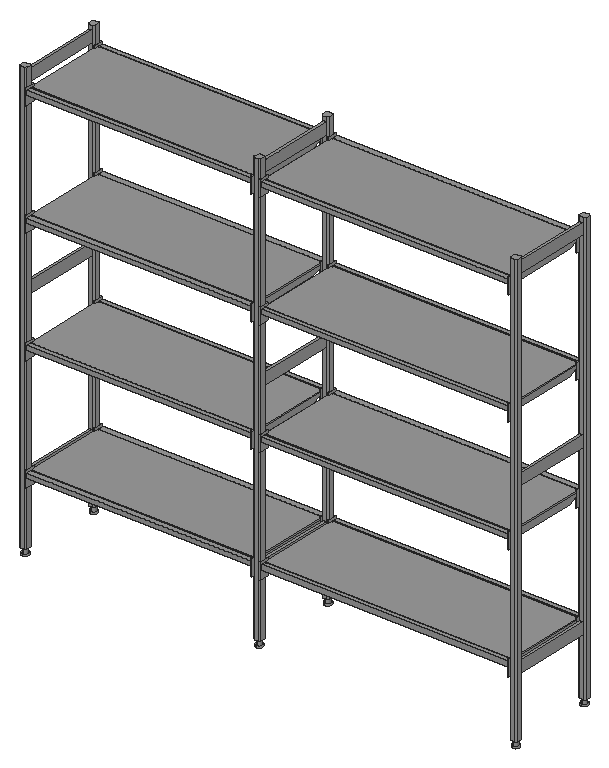
Revit family "QF_ZANUSSI_137023_ALS1960", category Attrezzature speciali, Revit 2020
Family settings
  Quota connettore circolare = Usa diametro
  Tipo di parte = Normale
  Basato su piano di lavoro = No
  Sempre verticale = Sì
  Taglio con vuoti quando caricato = No
  Condiviso = No
  Punto di calcolo locali = No
Parameters (values of type "Standard")
  Weight = 34.00 kg
  Watts = 0 W
  Volts = 0 V
  URL Manufacturer = "http://www.zanussiprofessional.com"
  URL = "http://www.zanussiprofessional.com"
  Steam Supply Size = 0 mm
  Steam Supply Minimum Pressure = 0.0 Pa
  Steam Supply Maximum Pressure = 0.0 Pa
  Steam Consumption per Hour = 0
  Refrigeration Suction Line Size = 0.0 mm
  Refrigeration Liquid Line Size = 0.0 mm
  Refrigerant Compressor Remote = yes
  Prospetto di default = 0.0 mm
  Phase = 0
  Modello = "ALS1960"
  Produttore = "Zanussi"
  Length Actual = 1960.0 mm  # constant formula
  Item Number = "137023"
  Hot Water Size = 0 mm
  Height Actual = 1700.0 mm  # constant formula
  HP = "0 HP"
  Gas Size = 0 mm
  Gas KW = 0
  Gas Input Pressure = 0 W
  Direct Waste Size = 0 mm
  Descrizione = "ALUM.LINEAR SHELV.-POLY.TIERS-373X1960MM"
  Depth Actual = 373.0 mm  # constant formula
  Cycle = 0 Hz
  Condensate Return Size = 0 mm
  Compressed Air Volume = 0.0 L/s
  Compressed Air Size = 0 mm
  Compressed Air Pressure = 0.0 Pa
  Cold Water Size = 0 mm
  Accessory = yes
Reference planes
  plane 1: z = 0
  plane 2 "CenterLeft": x = -31
  plane 3 "LEFT": x = -417
  plane 4 "BACK": y = 23
  plane 5 "FRONT": y = -350
  plane 6 "TOP": z = 1700
  plane 7: x = -385
  plane 8: x = 501
  plane 9 "Center (Front/Back)": y = -163.5
  plane 10: y = -8.5
  plane 11: y = -318.5
  plane 12 "FEET": z = 25
  plane 13: z = 275
  plane 14: z = 725
  plane 15: z = 1175
  plane 16: z = 1625
  plane 17 "CXLeft": x = -403
  plane 18 "Center (Left/Right)": x = 519
  plane 19: y = 5.5
  plane 20 "CYBack": y = 5.5
  plane 21 "CYFront": y = -332.5
  plane 22 "RIGHT": x = 1543
  plane 23: x = 1511
  plane 24 "CXRight": x = 1529
  plane 25: x = 537
Forms (mm)
  Extrusion 1, solid, material "QF_Aluminum"
    sketch origin (-417, 0, -4.006) x (0, 1, 0) y (0, 0, 1)
      loop
        line (-12, 1637.003) -> (4, 1637.003) -> (4, 1655) -> (2.007, 1655) -> (2.007, 1648.501) -> (-329, 1648.501) -> (-329, 1655) -> (-331, 1655) -> (-331, 1637.003) -> (-315, 1637.003) -> (-281, 1625) -> (-46, 1625) -> (-12, 1637.003)
      loop
        line (-12, 1187.003) -> (4, 1187.003) -> (4, 1205) -> (2.007, 1205) -> (2.007, 1198.501) -> (-329, 1198.501) -> (-329, 1205) -> (-331, 1205) -> (-331, 1187.003) -> (-315, 1187.003) -> (-281, 1175) -> (-46, 1175) -> (-12, 1187.003)
      loop
        line (-12, 737.003) -> (4, 737.003) -> (4, 755) -> (2.007, 755) -> (2.007, 748.501) -> (-329, 748.501) -> (-329, 755) -> (-331, 755) -> (-331, 737.003) -> (-315, 737.003) -> (-281, 725) -> (-46, 725) -> (-12, 737.003)
      loop
        line (-12, 287.003) -> (4, 287.003) -> (4, 305) -> (2.007, 305) -> (2.007, 298.501) -> (-329, 298.501) -> (-329, 305) -> (-331, 305) -> (-331, 287.003) -> (-315, 287.003) -> (-281, 275) -> (-46, 275) -> (-12, 287.003)
    from 37 to 32
  Extrusion 2, solid, material "QF_Aluminum"
    sketch origin (-417, 0, 0) x (0, 1, 0) y (0, 0, 1)
      loop
        line (23, 246.005) -> (23, 307.993) -> (-12.993, 307.993) -> (-12.993, 246.005) -> (23, 246.005)
      loop
        line (-350, 246.005) -> (-314.007, 246.005) -> (-314.007, 307.993) -> (-350, 307.993) -> (-350, 246.005)
      loop
        line (23, 696.005) -> (23, 757.993) -> (-12.993, 757.993) -> (-12.993, 696.005) -> (23, 696.005)
      loop
        line (-350, 696.005) -> (-314.007, 696.005) -> (-314.007, 757.993) -> (-350, 757.993) -> (-350, 696.005)
      loop
        line (23, 1146.005) -> (23, 1207.993) -> (-12.993, 1207.993) -> (-12.993, 1146.005) -> (23, 1146.005)
      loop
        line (-350, 1146.005) -> (-314.007, 1146.005) -> (-314.007, 1207.993) -> (-350, 1207.993) -> (-350, 1146.005)
      loop
        line (23, 1596.005) -> (23, 1657.993) -> (-12.993, 1657.993) -> (-12.993, 1596.005) -> (23, 1596.005)
      loop
        line (-350, 1596.005) -> (-314.007, 1596.005) -> (-314.007, 1657.993) -> (-350, 1657.993) -> (-350, 1596.005)
    from 28 to 32
  Extrusion 3, solid, material "QF_Aluminum"
    sketch origin (-417, 0, 0) x (0, 1, 0) y (0, 0, 1)
      loop
        line (4, 1650.994) -> (4, 1632.998) -> (23, 1632.998) -> (23, 1650.994) -> (4, 1650.994)
      loop
        line (-331, 1650.994) -> (-350, 1650.994) -> (-350, 1632.998) -> (-331, 1632.998) -> (-331, 1650.994)
      loop
        line (4, 1200.994) -> (4, 1182.998) -> (23, 1182.998) -> (23, 1200.994) -> (4, 1200.994)
      loop
        line (-331, 1200.994) -> (-350, 1200.994) -> (-350, 1182.998) -> (-331, 1182.998) -> (-331, 1200.994)
      loop
        line (4, 750.994) -> (4, 732.998) -> (23, 732.998) -> (23, 750.994) -> (4, 750.994)
      loop
        line (-331, 750.994) -> (-350, 750.994) -> (-350, 732.998) -> (-331, 732.998) -> (-331, 750.994)
      loop
        line (4, 300.994) -> (4, 282.998) -> (23, 282.998) -> (23, 300.994) -> (4, 300.994)
      loop
        line (-331, 300.994) -> (-350, 300.994) -> (-350, 282.998) -> (-331, 282.998) -> (-331, 300.994)
    from 32 to 918
  Extrusion 4, solid, material "QF_Polyethylene"
    sketch origin (-417, 0, 0) x (0, 1, 0) y (0, 0, 1)
      loop
        line (2.007, 1650.994) -> (-329, 1650.994) -> (-329, 1644.496) -> (2.007, 1644.496) -> (2.007, 1650.994)
      loop
        line (2.007, 1200.994) -> (-329, 1200.994) -> (-329, 1194.496) -> (2.007, 1194.496) -> (2.007, 1200.994)
      loop
        line (2.007, 750.994) -> (-329, 750.994) -> (-329, 744.496) -> (2.007, 744.496) -> (2.007, 750.994)
      loop
        line (2.007, 300.994) -> (-329, 300.994) -> (-329, 294.496) -> (2.007, 294.496) -> (2.007, 300.994)
    from 32 to 918
  Extrusion 5, solid, material "QF_Aluminum"
    sketch origin (1543, 0, 0) x (0, 1, 0) y (0, 0, 1)
      loop
        line (4, 1650.994) -> (4, 1632.998) -> (23, 1632.998) -> (23, 1650.994) -> (4, 1650.994)
      loop
        line (-331, 1650.994) -> (-350, 1650.994) -> (-350, 1632.998) -> (-331, 1632.998) -> (-331, 1650.994)
      loop
        line (4, 1200.994) -> (4, 1182.998) -> (23, 1182.998) -> (23, 1200.994) -> (4, 1200.994)
      loop
        line (-331, 1200.994) -> (-350, 1200.994) -> (-350, 1182.998) -> (-331, 1182.998) -> (-331, 1200.994)
      loop
        line (4, 750.994) -> (4, 732.998) -> (23, 732.998) -> (23, 750.994) -> (4, 750.994)
      loop
        line (-331, 750.994) -> (-350, 750.994) -> (-350, 732.998) -> (-331, 732.998) -> (-331, 750.994)
      loop
        line (4, 300.994) -> (4, 282.998) -> (23, 282.998) -> (23, 300.994) -> (4, 300.994)
      loop
        line (-331, 300.994) -> (-350, 300.994) -> (-350, 282.998) -> (-331, 282.998) -> (-331, 300.994)
    from -32 to -1006
  Extrusion 6, solid, material "QF_Polyethylene"
    sketch origin (1543, 0, 0) x (0, 1, 0) y (0, 0, 1)
      loop
        line (2.007, 1650.994) -> (-329, 1650.994) -> (-329, 1644.496) -> (2.007, 1644.496) -> (2.007, 1650.994)
      loop
        line (2.007, 1200.994) -> (-329, 1200.994) -> (-329, 1194.496) -> (2.007, 1194.496) -> (2.007, 1200.994)
      loop
        line (2.007, 750.994) -> (-329, 750.994) -> (-329, 744.496) -> (2.007, 744.496) -> (2.007, 750.994)
      loop
        line (2.007, 300.994) -> (-329, 300.994) -> (-329, 294.496) -> (2.007, 294.496) -> (2.007, 300.994)
    from -32 to -1006
Lines and regions (mm)
  symbolic lines
    curve 1: line (501, 4, 1700) -> (-385, 4, 1700)
    curve 2: line (-408, -8.5, 1700) -> (-408, -318.5, 1700)
    curve 3: line (-398, -318.5, 1700) -> (-398, -8.5, 1700)
    curve 4: line (-389, 23, 1700) -> (505, 23, 1700)
    curve 5: line (-385, -350, 1700) -> (501, -350, 1700)
    curve 6: line (533, 23, 1700) -> (1515, 23, 1700)
    curve 7: line (533, -350, 1700) -> (1515, -350, 1700)
    curve 8: line (-385, -331, 1700) -> (501, -331, 1700)
    curve 9: line (537, -331, 1700) -> (1511, -331, 1700)
    curve 10: line (537, 4, 1700) -> (1511, 4, 1700)
    curve 11: line (1511, -12.993, 1700) -> (1511, -314.007, 1700)
    curve 12: line (501, -12.993, 1700) -> (501, -314.007, 1700)
    curve 13: line (537, -314.007, 1700) -> (537, -12.993, 1700)
    curve 14: line (-385, -12.993, 1700) -> (-385, -314.007, 1700)
Dimensions and locks
  plane 3 "LEFT" to plane 2 "CenterLeft" = 386.0 mm
  locked: plane 6 "TOP" to level at 1700
  locked: plane 4 "BACK" to plane 5 "FRONT" at 373
  locked: plane 7 to plane 8 at 886
  locked: plane 10 to plane 11 at 310
  equal spacing: plane 10, plane 9 "Center (Front/Back)", plane 11
  equal spacing: plane 4 "BACK", plane 9 "Center (Front/Back)", plane 5 "FRONT"
  plane 12 "FEET" to level = 25.0 mm
  plane 6 "TOP" to plane 12 "FEET" = 1675.0 mm
  plane 13 to plane 12 "FEET" = 250.0 mm
  plane 14 to plane 13 = 450.0 mm
  plane 15 to plane 14 = 450.0 mm
  plane 16 to plane 15 = 450.0 mm
  locked: plane 4 "BACK" to plane 20 "CYBack" at 17.5
  locked: plane 21 "CYFront" to plane 5 "FRONT" at 17.5
  locked: plane 4 "BACK" to Extrusion 1 at 19
  locked: Extrusion 1 to plane 5 "FRONT" at 19
  Extrusion 1 sketch curve to plane 21 "CYFront" = 3.5 mm
  plane 3 "LEFT" to plane 22 "RIGHT" = 1960.0 mm
  locked: plane 25 to plane 23 at 974
  locked: plane 8 to plane 18 "Center (Left/Right)" at 18
  locked: plane 18 "Center (Left/Right)" to plane 25 at 18
  locked: plane 3 "LEFT" to plane 7 at 32
  locked: plane 24 "CXRight" to plane 22 "RIGHT" at 14
  aligned and locked: level to plane 1
  aligned and locked: plane 7 to Extrusion 1
  aligned and locked: Extrusion 2 to plane 7
  aligned and locked: plane 7 to Extrusion 4
  aligned and locked: Extrusion 4 to plane 8
  aligned and locked: plane 7 to Extrusion 3
  aligned and locked: Extrusion 3 to plane 8
  aligned and locked: Extrusion 3 sketch curve to Extrusion 1
  aligned and locked: Extrusion 1 to Extrusion 3 sketch curve
  aligned and locked: Extrusion 3 sketch curve to Extrusion 3 sketch curve  (x2)
  aligned and locked: Extrusion 1 sketch curve to Extrusion 1 sketch curve  (x3)
  aligned and locked: Extrusion 4 sketch curve to Extrusion 1  (x4)
  aligned and locked: Extrusion 5 sketch curve to Extrusion 5 sketch curve  (x2)
  aligned and locked: Extrusion 5 to plane 25
  aligned and locked: Extrusion 6 to plane 25
  aligned and locked: plane 18 "Center (Left/Right)" to nested 3
  aligned and locked: plane 17 "CXLeft" to nested 1
  aligned and locked: Extrusion 3 to plane 7  (x3)
  aligned and locked: plane 8 to Extrusion 3  (x4)
  aligned and locked: plane 25 to Extrusion 5  (x4)
  aligned and locked: plane 25 to Extrusion 6  (x4)
  aligned and locked: plane 8 to Extrusion 4  (x4)
  aligned and locked: plane 24 "CXRight" to nested 2
  aligned and locked: Extrusion 5 to plane 23
  aligned and locked: Extrusion 6 to plane 23
  aligned and locked: plane 23 to Extrusion 5  (x3)
  aligned and locked: plane 23 to Extrusion 6  (x3)
Automatic sketch dimensions
  plane 21 "CYFront" to Extrusion 1 sketch curve = 1.5 mm  (x4)
  plane 11 to Extrusion 1 sketch curve = 3.5 mm  (x4)
  Extrusion 1 sketch curve to plane 13 = 4.006 mm
  Extrusion 1 sketch curve to Extrusion 1 sketch curve = 34.0 mm  (x4)
  Extrusion 1 sketch curve to plane 14 = 4.006 mm
  Extrusion 1 sketch curve to plane 15 = 4.006 mm
  Extrusion 1 sketch curve to plane 16 = 4.006 mm
  Extrusion 1 sketch curve to plane 10 = 37.5 mm  (x4)
  Extrusion 1 sketch curve to plane 10 = 3.5 mm  (x4)
  plane 19 to Extrusion 1 sketch curve = 3.493 mm  (x4)
  plane 19 to Extrusion 1 sketch curve = 1.5 mm  (x4)
  plane 13 to Extrusion 1 sketch curve = 7.998 mm  (x2)
  Extrusion 1 sketch curve to Extrusion 1 sketch curve = 11.498 mm  (x4)
  Extrusion 1 sketch curve to Extrusion 1 sketch curve = 6.499 mm  (x8)
  plane 14 to Extrusion 1 sketch curve = 7.998 mm  (x2)
  plane 15 to Extrusion 1 sketch curve = 7.998 mm  (x2)
  plane 16 to Extrusion 1 sketch curve = 7.998 mm  (x2)
  Extrusion 2 sketch curve to plane 5 "FRONT" = 0.0 mm  (x4)
  Extrusion 2 sketch curve to plane 4 "BACK" = 0.0 mm  (x4)
  plane 11 to Extrusion 2 sketch curve = 4.493 mm  (x4)
  Extrusion 2 sketch curve to plane 10 = 4.493 mm  (x4)
  Extrusion 2 sketch curve to plane 13 = 28.995 mm  (x2)
  plane 13 to Extrusion 2 sketch curve = 32.993 mm  (x2)
  Extrusion 2 sketch curve to plane 14 = 28.995 mm  (x2)
  plane 14 to Extrusion 2 sketch curve = 32.993 mm  (x2)
  Extrusion 2 sketch curve to plane 15 = 28.995 mm  (x2)
  plane 15 to Extrusion 2 sketch curve = 32.993 mm  (x2)
  Extrusion 2 sketch curve to plane 16 = 28.995 mm  (x2)
  plane 16 to Extrusion 2 sketch curve = 32.993 mm  (x2)
  Extrusion 3 sketch curve to plane 5 "FRONT" = 0.0 mm  (x4)
  Extrusion 3 sketch curve to plane 4 "BACK" = 0.0 mm  (x4)
  plane 19 to Extrusion 3 sketch curve = 1.5 mm  (x4)
  plane 13 to Extrusion 3 sketch curve = 7.998 mm  (x2)
  Extrusion 3 sketch curve to Extrusion 3 sketch curve = 17.997 mm  (x8)
  plane 14 to Extrusion 3 sketch curve = 7.998 mm  (x2)
  plane 15 to Extrusion 3 sketch curve = 7.998 mm  (x2)
  plane 16 to Extrusion 3 sketch curve = 7.998 mm  (x2)
  plane 19 to Extrusion 4 sketch curve = 3.493 mm  (x4)
  plane 13 to Extrusion 4 sketch curve = 19.496 mm
  Extrusion 4 sketch curve to Extrusion 4 sketch curve = 6.499 mm  (x4)
  plane 14 to Extrusion 4 sketch curve = 19.496 mm
  plane 15 to Extrusion 4 sketch curve = 19.496 mm
  plane 16 to Extrusion 4 sketch curve = 19.496 mm
  Extrusion 5 sketch curve to plane 5 "FRONT" = 0.0 mm  (x4)
  Extrusion 5 sketch curve to plane 4 "BACK" = 0.0 mm  (x4)
  plane 21 "CYFront" to Extrusion 5 sketch curve = 1.5 mm  (x2)
  plane 19 to Extrusion 5 sketch curve = 1.5 mm  (x4)
  plane 13 to Extrusion 5 sketch curve = 7.998 mm  (x2)
  Extrusion 5 sketch curve to Extrusion 5 sketch curve = 17.997 mm  (x8)
  plane 14 to Extrusion 5 sketch curve = 7.998 mm  (x2)
  plane 15 to Extrusion 5 sketch curve = 7.998 mm  (x2)
  plane 16 to Extrusion 5 sketch curve = 7.998 mm  (x2)
  plane 21 "CYFront" to Extrusion 6 sketch curve = 3.5 mm  (x4)
  plane 19 to Extrusion 6 sketch curve = 3.493 mm  (x4)
  plane 13 to Extrusion 6 sketch curve = 19.496 mm
  Extrusion 6 sketch curve to Extrusion 6 sketch curve = 6.499 mm  (x4)
  plane 14 to Extrusion 6 sketch curve = 19.496 mm
  plane 15 to Extrusion 6 sketch curve = 19.496 mm
  plane 16 to Extrusion 6 sketch curve = 19.496 mm
  curve 7 to plane 5 "FRONT" = 0.0 mm
  curve 5 to plane 5 "FRONT" = 0.0 mm
  curve 8 to plane 8 = 0.0 mm
  curve 9 to plane 25 = 0.0 mm
  curve 9 to plane 23 = 0.0 mm
  curve 8 to plane 7 = 0.0 mm
  curve 2 to plane 11 = 0.0 mm
  curve 3 to plane 11 = 0.0 mm
  curve 14 to plane 7 = 0.0 mm
  curve 13 to plane 25 = 0.0 mm
  curve 12 to plane 8 = 0.0 mm
  curve 11 to plane 23 = 0.0 mm
  curve 3 to plane 10 = 0.0 mm
  curve 2 to plane 10 = 0.0 mm
  curve 1 to plane 8 = 0.0 mm
  curve 1 to plane 7 = 0.0 mm
  curve 10 to plane 23 = 0.0 mm
  curve 10 to plane 25 = 0.0 mm
  curve 4 to plane 4 "BACK" = 0.0 mm
  curve 6 to plane 4 "BACK" = 0.0 mm
  curve 5 to plane 8 = 0.0 mm
  curve 5 to plane 7 = 0.0 mm
  plane 21 "CYFront" to curve 8 = 1.5 mm
  plane 21 "CYFront" to curve 9 = 1.5 mm
  plane 11 to curve 14 = 4.493 mm
  plane 11 to curve 13 = 4.493 mm
  plane 11 to curve 12 = 4.493 mm
  plane 11 to curve 11 = 4.493 mm
  curve 14 to plane 10 = 4.493 mm
  curve 13 to plane 10 = 4.493 mm
  curve 12 to plane 10 = 4.493 mm
  curve 11 to plane 10 = 4.493 mm
  plane 19 to curve 1 = 1.5 mm
  plane 19 to curve 10 = 1.5 mm
  curve 6 to plane 23 = 4.0 mm
  curve 7 to plane 23 = 4.0 mm
  curve 6 to plane 25 = 4.0 mm
  curve 7 to plane 25 = 4.0 mm
  curve 4 to plane 8 = 4.0 mm
  plane 7 to curve 4 = 4.0 mm
  plane 17 "CXLeft" to curve 3 = 5.0 mm
  curve 2 to plane 17 "CXLeft" = 5.0 mm
Nested families
  nested 1: "WT_Anta373" at (0, 0, 0), type "WT_Anta373"
  nested 2: "WT_Anta373" at (1126, 0, 0) x (-1, 0, 0) z (0, 0, 1), type "WT_Anta373"
  nested 3: "WT_Anta373Center" at (922, 0, 0), type "WT_Anta373Center"
Definition of nested family "WT_Anta373"
  Parameters
    WidthLeft = A + 64.0 mm  # 772.0 mm
    Width = 1606.0 mm
    Right = WidthLeft / 2  # 386.0 mm
    Default Elevation = 0.0 mm
    Left = -WidthLeft / 2  # -386.0 mm
    Height = 1725.0 mm
    FEET = 25.0 mm
    E = 0.0 mm
    Dint = Depth - 63.0 mm  # 310.0 mm
    Dext = Depth - 8.0 mm  # 365.0 mm
    Depth = 373.0 mm
    DX = (WidthLeft - A) / 2  # 32.0 mm
    B = 798.0 mm
    A = 708.0 mm
  Reference planes
    plane 1: z = 0
    plane 2 "LEFT": x = -417
    plane 3 "BACK": y = 23
    plane 4 "FRONT": y = -350
    plane 5 "TOP": z = 1725
    plane 6 "Center (Front/Back)": y = -163.5
    plane 7: y = -8.5
    plane 8: y = -318.5
    plane 9 "FEET": z = 25
    plane 10: z = 275
    plane 11: z = 725
    plane 12: z = 1175
    plane 13: z = 1625
    plane 14 "CXLeft": x = -403
    plane 15: y = 5.5
    plane 16 "CYBack": y = 5.5
    plane 17 "CYFront": y = -332.5
    plane 18: x = -385.031
    plane 19: x = -380.031
  Forms (mm)
    Extrusion 1, solid
      sketch origin (0, 0, 0) x (1, 0, 0) y (0, 1, 0)
        loop
          line (-417, 13.246) -> (-417, -2.246) -> (-410.746, -8.5) -> (-395.254, -8.5) -> (-389, -2.246) -> (-389, 13.246) -> (-395.254, 19.5) -> (-410.746, 19.5) -> (-417, 13.246)
      from 1725 to 25
    Extrusion 2, solid
      sketch origin (-417, 0, 0) x (0, 1, 0) y (0, 0, 1)
        loop
          line (23, 246.005) -> (23, 307.993) -> (-12.993, 307.993) -> (-12.993, 246.005) -> (23, 246.005)
        loop
          line (-350, 246.005) -> (-314.007, 246.005) -> (-314.007, 307.993) -> (-350, 307.993) -> (-350, 246.005)
        loop
          line (23, 696.005) -> (23, 757.993) -> (-12.993, 757.993) -> (-12.993, 696.005) -> (23, 696.005)
        loop
          line (-350, 696.005) -> (-314.007, 696.005) -> (-314.007, 757.993) -> (-350, 757.993) -> (-350, 696.005)
        loop
          line (23, 1146.005) -> (23, 1207.993) -> (-12.993, 1207.993) -> (-12.993, 1146.005) -> (23, 1146.005)
        loop
          line (-350, 1146.005) -> (-314.007, 1146.005) -> (-314.007, 1207.993) -> (-350, 1207.993) -> (-350, 1146.005)
        loop
          line (23, 1596.005) -> (23, 1657.993) -> (-12.993, 1657.993) -> (-12.993, 1596.005) -> (23, 1596.005)
        loop
          line (-350, 1596.005) -> (-314.007, 1596.005) -> (-314.007, 1657.993) -> (-350, 1657.993) -> (-350, 1596.005)
      from 28 to 32
    Revolve 3, solid
      sketch origin (-403, 0, 0) x (0, 1, 0) y (0, 0, 1)
        loop
          line (5.5, 25) -> (5.5, 0) -> (19, 0) -> (19, 5) -> (14, 5) -> (14, 25) -> (5.5, 25)
        axis (5.5, 25) -> (5.5, 0)
      angle from 0 to 360
    Extrusion 4, solid
      sketch origin (-403, 0, 0) x (0, 1, 0) y (0, 0, 1)
        loop
          line (-8.5, 912.382) -> (-8.5, 957.374) -> (-318.5, 957.374) -> (-318.5, 912.382) -> (-8.5, 912.382)
        loop
          line (-8.5, 1662.244) -> (-8.5, 1707.236) -> (-318.5, 1707.236) -> (-318.5, 1662.244) -> (-8.5, 1662.244)
      from -5 to 5
    Revolve 5, solid
      sketch origin (-403, -627, 0) x (0, -1, 0) y (0, 0, 1)
        loop
          line (-294.5, 25) -> (-294.5, 0) -> (-281, 0) -> (-281, 5) -> (-286, 5) -> (-286, 25) -> (-294.5, 25)
        axis (-294.5, 25) -> (-294.5, 0)
      angle from 0 to 360
    Extrusion 6, solid
      sketch origin (0, -627, 0) x (1, 0, 0) y (0, 1, 0)
        loop
          line (-417, 286.754) -> (-410.746, 280.5) -> (-395.254, 280.5) -> (-389, 286.754) -> (-389, 302.246) -> (-395.254, 308.5) -> (-410.746, 308.5) -> (-417, 302.246) -> (-417, 286.754)
      from 1725 to 25
    Extrusion 7, solid
      sketch origin (-417.031, -0.022, 0) x (0, 1, 0) y (0, 0, -1)
        loop
          line (-12, -1632.998) -> (-46, -1620.994) -> (-281, -1620.994) -> (-315, -1632.998) -> (-331, -1632.998) -> (-331, -1650.994) -> (-329, -1650.994) -> (-329, -1644.496) -> (2.007, -1644.496) -> (2.007, -1650.994) -> (4, -1650.994) -> (4, -1632.998) -> (-12, -1632.998)
        loop
          line (-12, -1182.998) -> (-46, -1170.994) -> (-281, -1170.994) -> (-315, -1182.998) -> (-331, -1182.998) -> (-331, -1200.994) -> (-329, -1200.994) -> (-329, -1194.496) -> (2.007, -1194.496) -> (2.007, -1200.994) -> (4, -1200.994) -> (4, -1182.998) -> (-12, -1182.998)
        loop
          line (-12, -732.998) -> (-46, -720.994) -> (-281, -720.994) -> (-315, -732.998) -> (-331, -732.998) -> (-331, -750.994) -> (-329, -750.994) -> (-329, -744.496) -> (2.007, -744.496) -> (2.007, -750.994) -> (4, -750.994) -> (4, -732.998) -> (-12, -732.998)
        loop
          line (-12, -282.998) -> (-46, -270.994) -> (-281, -270.994) -> (-315, -282.998) -> (-331, -282.998) -> (-331, -300.994) -> (-329, -300.994) -> (-329, -294.496) -> (2.007, -294.496) -> (2.007, -300.994) -> (4, -300.994) -> (4, -282.998) -> (-12, -282.998)
      from -32 to -37
    Extrusion 8, solid
      sketch origin (-403, 0, -659.878) x (0, 1, 0) y (0, 0, 1)
        loop
          line (-8.5, 912.382) -> (-8.5, 957.374) -> (-318.5, 957.374) -> (-318.5, 912.382) -> (-8.5, 912.382)
        loop
          line (-8.5, 1572.382) -> (-8.5, 1617.374) -> (-318.5, 1617.374) -> (-318.5, 1572.382) -> (-8.5, 1572.382)
        loop
          line (-8.5, 2322.382) -> (-8.5, 2367.374) -> (-318.5, 2367.374) -> (-318.5, 2322.382) -> (-8.5, 2322.382)
      from -5 to 5
  Lines and regions (mm)
    symbolic lines
      curve 1: line (-408, -8.5, 1725) -> (-408, -318.5, 1725)
      curve 2: line (-398, -318.5, 1725) -> (-398, -8.5, 1725)
      curve 3: line (-395.254, -8.5, 1725) -> (-410.746, -8.5, 1725)
      curve 4: line (-417, -2.246, 1725) -> (-410.746, -8.5, 1725)
      curve 5: line (-417, 13.246, 1725) -> (-417, -2.246, 1725)
      curve 6: line (-410.746, 19.5, 1725) -> (-417, 13.246, 1725)
      curve 7: line (-395.254, 19.5, 1725) -> (-410.746, 19.5, 1725)
      curve 8: line (-389, 13.246, 1725) -> (-395.254, 19.5, 1725)
      curve 9: line (-395.254, -8.5, 1725) -> (-389, -2.246, 1725)
      curve 10: line (-395.254, -318.5, 1725) -> (-410.746, -318.5, 1725)
      curve 11: line (-417, -324.754, 1725) -> (-410.746, -318.5, 1725)
      curve 12: line (-410.746, -346.5, 1725) -> (-417, -340.246, 1725)
      curve 13: line (-395.254, -346.5, 1725) -> (-410.746, -346.5, 1725)
      curve 14: line (-389, -340.246, 1725) -> (-395.254, -346.5, 1725)
      curve 15: line (-395.254, -318.5, 1725) -> (-389, -324.754, 1725)
      curve 16: line (-389, -350, 1725) -> (-389, -314.007, 1725)
      curve 17: line (-389, -314.007, 1725) -> (-385, -314.007, 1725)
      curve 18: line (-389, 23, 1725) -> (-389, -12.993, 1725)
      curve 19: line (-389, -12.993, 1725) -> (-385, -12.993, 1725)
      curve 20: line (-417, -324.754, 1725) -> (-417, -340.246, 1725)
      curve 21: line (-385, -350, 1725) -> (-385, -314.007, 1725)
      curve 22: line (-385, -350, 1725) -> (-389, -350, 1725)
      curve 23: line (-385, 23, 1725) -> (-389, 23, 1725)
      curve 24: line (-385, -12.993, 1725) -> (-385, 23, 1725)
      curve 25: line (-385.031, -13.016, 1725) -> (-385.031, -314.029, 1725)
  Dimensions and locks
    "Height": plane 5 "TOP" to level
    "Depth": plane 3 "BACK" to plane 4 "FRONT"
    "Dint": plane 7 to plane 8
    equal spacing: plane 7, plane 6 "Center (Front/Back)", plane 8
    equal spacing: plane 3 "BACK", plane 6 "Center (Front/Back)", plane 4 "FRONT"
    plane 9 "FEET" to level = 25.0 mm
    plane 5 "TOP" to plane 9 "FEET" = 1700.0 mm
    plane 10 to plane 9 "FEET" = 250.0 mm
    plane 11 to plane 10 = 450.0 mm
    plane 12 to plane 11 = 450.0 mm
    plane 13 to plane 12 = 450.0 mm
    locked: plane 2 "LEFT" to plane 14 "CXLeft" at 14
    locked: plane 3 "BACK" to plane 16 "CYBack" at 17.5
    locked: plane 17 "CYFront" to plane 4 "FRONT" at 17.5
    locked: Revolve 3 sketch curve to Revolve 3 sketch curve at 8.5
    locked: Revolve 3 sketch curve to plane 16 "CYBack" at 13.5
    locked: Revolve 5 sketch curve to Revolve 5 sketch curve at 8.5
    aligned and locked: level to plane 1
    aligned and locked: curve 20 to Extrusion 6
    aligned and locked: plane 5 "TOP" to Extrusion 1
    aligned and locked: plane 5 "TOP" to Extrusion 6
    aligned and locked: Extrusion 7 sketch curve to Extrusion 7 sketch curve  (x3)
  Automatic sketch dimensions
    curve 16 to plane 4 "FRONT" = 0.0 mm
    curve 11 to plane 8 = 0.0 mm
    curve 9 to plane 7 = 0.0 mm
    curve 5 to plane 2 "LEFT" = 0.0 mm
    curve 23 to plane 3 "BACK" = 0.0 mm
    plane 4 "FRONT" to curve 13 = 3.5 mm
    curve 20 to plane 17 "CYFront" = 7.746 mm
    curve 20 to plane 8 = 6.254 mm
    plane 8 to curve 16 = 4.493 mm
    curve 24 to plane 18 = 0.031 mm
    curve 24 to plane 7 = 4.493 mm
    plane 7 to curve 5 = 6.254 mm
    curve 5 to plane 15 = 7.746 mm
    curve 6 to plane 3 "BACK" = 3.5 mm
    curve 21 to plane 18 = 0.031 mm
    plane 18 to curve 23 = 3.969 mm
    plane 18 to curve 16 = 3.969 mm
    curve 18 to curve 8 = 6.254 mm
    curve 18 to curve 3 = 6.254 mm
    curve 16 to curve 13 = 6.254 mm
    curve 16 to curve 15 = 6.254 mm
    plane 2 "LEFT" to curve 10 = 6.254 mm
    plane 2 "LEFT" to curve 7 = 6.254 mm
    plane 2 "LEFT" to curve 12 = 6.254 mm
    plane 2 "LEFT" to curve 3 = 6.254 mm
    curve 14 to plane 17 "CYFront" = 7.746 mm
    curve 15 to plane 8 = 6.254 mm
    plane 7 to curve 9 = 6.254 mm
    curve 8 to plane 15 = 7.746 mm
    curve 3 to curve 2 = 2.746 mm
    curve 1 to curve 10 = 2.746 mm
    Extrusion 1 sketch curve to plane 2 "LEFT" = 0.0 mm
    Extrusion 1 sketch curve to plane 7 = 0.0 mm
    plane 2 "LEFT" to Extrusion 1 sketch curve = 6.254 mm  (x2)
    plane 14 "CXLeft" to Extrusion 1 sketch curve = 7.746 mm  (x2)
    Extrusion 1 sketch curve to plane 3 "BACK" = 3.5 mm
    plane 18 to Extrusion 1 sketch curve = 3.969 mm
    plane 7 to Extrusion 1 sketch curve = 6.254 mm  (x2)
    Extrusion 1 sketch curve to plane 15 = 7.746 mm  (x2)
    Extrusion 2 sketch curve to plane 4 "FRONT" = 0.0 mm  (x4)
    Extrusion 2 sketch curve to plane 3 "BACK" = 0.0 mm  (x4)
    plane 8 to Extrusion 2 sketch curve = 4.493 mm  (x4)
    Extrusion 2 sketch curve to plane 7 = 4.493 mm  (x4)
    Extrusion 2 sketch curve to plane 10 = 28.995 mm  (x2)
    plane 10 to Extrusion 2 sketch curve = 32.993 mm  (x2)
    Extrusion 2 sketch curve to plane 11 = 28.995 mm  (x2)
    plane 11 to Extrusion 2 sketch curve = 32.993 mm  (x2)
    Extrusion 2 sketch curve to plane 12 = 28.995 mm  (x2)
    plane 12 to Extrusion 2 sketch curve = 32.993 mm  (x2)
    Extrusion 2 sketch curve to plane 13 = 28.995 mm  (x2)
    plane 13 to Extrusion 2 sketch curve = 32.993 mm  (x2)
    Revolve 3 sketch curve to plane 9 "FEET" = 0.0 mm  (x2)
    Revolve 3 sketch curve to plane 15 = 0.0 mm  (x2)
    Revolve 3 sketch curve to level = 0.0 mm
    level to Revolve 3 sketch curve = 5.0 mm
    Revolve 3 sketch curve to Revolve 3 sketch curve = 11.655 mm
    Extrusion 4 sketch curve to plane 8 = 0.0 mm  (x2)
    Extrusion 4 sketch curve to plane 7 = 0.0 mm  (x2)
    plane 11 to Extrusion 4 sketch curve = 187.382 mm
    Extrusion 4 sketch curve to Extrusion 4 sketch curve = 44.992 mm
    plane 13 to Extrusion 4 sketch curve = 37.244 mm
    Extrusion 4 sketch curve to plane 5 "TOP" = 17.764 mm
    Revolve 5 sketch curve to plane 9 "FEET" = 0.0 mm  (x2)
    Revolve 5 sketch curve to plane 17 "CYFront" = 0.0 mm  (x2)
    Revolve 5 sketch curve to level = 0.0 mm
    Revolve 5 sketch curve to plane 4 "FRONT" = 4.0 mm
    Revolve 5 sketch curve to Revolve 5 sketch curve = 5.0 mm
    level to Revolve 5 sketch curve = 11.655 mm
    Extrusion 6 sketch curve to plane 2 "LEFT" = 0.0 mm
    Extrusion 6 sketch curve to plane 8 = 0.0 mm
    Extrusion 6 sketch curve to plane 2 "LEFT" = 6.254 mm  (x2)
    Extrusion 6 sketch curve to plane 14 "CXLeft" = 7.746 mm  (x2)
    Extrusion 6 sketch curve to plane 4 "FRONT" = 3.5 mm
    Extrusion 6 sketch curve to plane 18 = 3.969 mm
    plane 8 to Extrusion 6 sketch curve = 6.254 mm  (x2)
    plane 17 "CYFront" to Extrusion 6 sketch curve = 7.746 mm  (x2)
    plane 17 "CYFront" to Extrusion 7 sketch curve = 1.478 mm  (x4)
    Extrusion 7 sketch curve to Extrusion 7 sketch curve = 2.0 mm
    plane 8 to Extrusion 7 sketch curve = 3.478 mm  (x4)
    Extrusion 7 sketch curve to plane 10 = 4.006 mm
    Extrusion 7 sketch curve to Extrusion 7 sketch curve = 34.0 mm  (x4)
    Extrusion 7 sketch curve to plane 11 = 4.006 mm
    Extrusion 7 sketch curve to plane 12 = 4.006 mm
    Extrusion 7 sketch curve to plane 13 = 4.006 mm
    Extrusion 7 sketch curve to plane 7 = 37.522 mm  (x4)
    Extrusion 7 sketch curve to plane 7 = 3.522 mm  (x4)
    plane 15 to Extrusion 7 sketch curve = 3.516 mm  (x4)
    plane 15 to Extrusion 7 sketch curve = 1.522 mm  (x4)
    plane 13 to Extrusion 7 sketch curve = 7.998 mm  (x2)
    Extrusion 7 sketch curve to Extrusion 7 sketch curve = 11.498 mm
    Extrusion 7 sketch curve to Extrusion 7 sketch curve = 6.499 mm  (x5)
    plane 12 to Extrusion 7 sketch curve = 25.994 mm  (x2)
    plane 12 to Extrusion 7 sketch curve = 7.998 mm  (x2)
    plane 11 to Extrusion 7 sketch curve = 25.994 mm  (x2)
    plane 11 to Extrusion 7 sketch curve = 7.998 mm  (x2)
    plane 10 to Extrusion 7 sketch curve = 25.994 mm  (x2)
    plane 10 to Extrusion 7 sketch curve = 7.998 mm  (x2)
    curve 25 to plane 18 = 0.0 mm
    plane 8 to curve 25 = 4.471 mm
    curve 25 to plane 7 = 4.516 mm
    Extrusion 8 sketch curve to plane 8 = 0.0 mm  (x3)
    Extrusion 8 sketch curve to plane 7 = 0.0 mm  (x3)
    Extrusion 8 sketch curve to plane 10 = 22.496 mm
    plane 10 to Extrusion 8 sketch curve = 22.496 mm
    plane 11 to Extrusion 8 sketch curve = 187.504 mm
    Extrusion 8 sketch curve to Extrusion 8 sketch curve = 44.992 mm
    plane 13 to Extrusion 8 sketch curve = 37.504 mm
    Extrusion 8 sketch curve to plane 5 "TOP" = 17.504 mm
Definition of nested family "WT_Anta373Center"
  Parameters
    WidthLeft = A + 64.0 mm  # 772.0 mm
    Width = 1606.0 mm
    Right = WidthLeft / 2  # 386.0 mm
    Default Elevation = 0.0 mm
    Left = -WidthLeft / 2  # -386.0 mm
    Height = 1725.0 mm
    FEET = 25.0 mm
    E = 0.0 mm
    Dint = Depth - 63.0 mm  # 310.0 mm
    Dext = Depth - 8.0 mm  # 365.0 mm
    Depth = 373.0 mm
    DX = (WidthLeft - A) / 2  # 32.0 mm
    B = 798.0 mm
    A = 708.0 mm
  Reference planes
    plane 1: z = 0
    plane 2 "L": x = -417
    plane 3 "BACK": y = 23
    plane 4 "FRONT": y = -350
    plane 5 "TOP": z = 1725
    plane 6 "Center (Front/Back)": y = -163.5
    plane 7: y = -8.5
    plane 8: y = -318.5
    plane 9 "FEET": z = 25
    plane 10: z = 275
    plane 11: z = 725
    plane 12: z = 1175
    plane 13: z = 1625
    plane 14 "CXLeft": x = -403
    plane 15: y = 5.5
    plane 16 "CYBack": y = 5.5
    plane 17 "CYFront": y = -332.5
    plane 18: x = -385.031
    plane 19 "RIGHT": x = -380.031
    plane 20: x = -420.969
    plane 21 "LEFT": x = -425.969
  Forms (mm)
    Extrusion 1, solid
      sketch origin (0, 0, 0) x (1, 0, 0) y (0, 1, 0)
        loop
          line (-417, 13.246) -> (-417, -2.246) -> (-410.746, -8.5) -> (-395.254, -8.5) -> (-389, -2.246) -> (-389, 13.246) -> (-395.254, 19.5) -> (-410.746, 19.5) -> (-417, 13.246)
      from 1725 to 25
    Extrusion 2, solid
      sketch origin (-417, 0, 0) x (0, 1, 0) y (0, 0, 1)
        loop
          line (23, 246.005) -> (23, 307.993) -> (-12.993, 307.993) -> (-12.993, 246.005) -> (23, 246.005)
        loop
          line (-350, 246.005) -> (-314.007, 246.005) -> (-314.007, 307.993) -> (-350, 307.993) -> (-350, 246.005)
        loop
          line (23, 696.005) -> (23, 757.993) -> (-12.993, 757.993) -> (-12.993, 696.005) -> (23, 696.005)
        loop
          line (-350, 696.005) -> (-314.007, 696.005) -> (-314.007, 757.993) -> (-350, 757.993) -> (-350, 696.005)
        loop
          line (23, 1146.005) -> (23, 1207.993) -> (-12.993, 1207.993) -> (-12.993, 1146.005) -> (23, 1146.005)
        loop
          line (-350, 1146.005) -> (-314.007, 1146.005) -> (-314.007, 1207.993) -> (-350, 1207.993) -> (-350, 1146.005)
        loop
          line (23, 1596.005) -> (23, 1657.993) -> (-12.993, 1657.993) -> (-12.993, 1596.005) -> (23, 1596.005)
        loop
          line (-350, 1596.005) -> (-314.007, 1596.005) -> (-314.007, 1657.993) -> (-350, 1657.993) -> (-350, 1596.005)
      from 28 to 32
    Revolve 3, solid
      sketch origin (-403, 0, 0) x (0, 1, 0) y (0, 0, 1)
        loop
          line (5.5, 25) -> (5.5, 0) -> (19, 0) -> (19, 5) -> (14, 5) -> (14, 25) -> (5.5, 25)
        axis (5.5, 25) -> (5.5, 0)
      angle from 0 to 360
    Extrusion 4, solid
      sketch origin (-403, 0, 0) x (0, 1, 0) y (0, 0, 1)
        loop
          line (-8.5, 912.382) -> (-8.5, 957.374) -> (-318.5, 957.374) -> (-318.5, 912.382) -> (-8.5, 912.382)
        loop
          line (-8.5, 1662.244) -> (-8.5, 1707.236) -> (-318.5, 1707.236) -> (-318.5, 1662.244) -> (-8.5, 1662.244)
      from -5 to 5
    Revolve 5, solid
      sketch origin (-403, -627, 0) x (0, -1, 0) y (0, 0, 1)
        loop
          line (-294.5, 25) -> (-294.5, 0) -> (-281, 0) -> (-281, 5) -> (-286, 5) -> (-286, 25) -> (-294.5, 25)
        axis (-294.5, 25) -> (-294.5, 0)
      angle from 0 to 360
    Extrusion 6, solid
      sketch origin (0, -627, 0) x (1, 0, 0) y (0, 1, 0)
        loop
          line (-417, 286.754) -> (-410.746, 280.5) -> (-395.254, 280.5) -> (-389, 286.754) -> (-389, 302.246) -> (-395.254, 308.5) -> (-410.746, 308.5) -> (-417, 302.246) -> (-417, 286.754)
      from 1725 to 25
    Extrusion 7, solid
      sketch origin (-417.031, -0.022, 0) x (0, 1, 0) y (0, 0, -1)
        loop
          line (-12, -1632.998) -> (-46, -1620.994) -> (-281, -1620.994) -> (-315, -1632.998) -> (-331, -1632.998) -> (-331, -1650.994) -> (-329, -1650.994) -> (-329, -1644.496) -> (2.007, -1644.496) -> (2.007, -1650.994) -> (4, -1650.994) -> (4, -1632.998) -> (-12, -1632.998)
        loop
          line (-12, -1182.998) -> (-46, -1170.994) -> (-281, -1170.994) -> (-315, -1182.998) -> (-331, -1182.998) -> (-331, -1200.994) -> (-329, -1200.994) -> (-329, -1194.496) -> (2.007, -1194.496) -> (2.007, -1200.994) -> (4, -1200.994) -> (4, -1182.998) -> (-12, -1182.998)
        loop
          line (-12, -732.998) -> (-46, -720.994) -> (-281, -720.994) -> (-315, -732.998) -> (-331, -732.998) -> (-331, -750.994) -> (-329, -750.994) -> (-329, -744.496) -> (2.007, -744.496) -> (2.007, -750.994) -> (4, -750.994) -> (4, -732.998) -> (-12, -732.998)
        loop
          line (-12, -282.998) -> (-46, -270.994) -> (-281, -270.994) -> (-315, -282.998) -> (-331, -282.998) -> (-331, -300.994) -> (-329, -300.994) -> (-329, -294.496) -> (2.007, -294.496) -> (2.007, -300.994) -> (4, -300.994) -> (4, -282.998) -> (-12, -282.998)
      from -32 to -37
    Extrusion 8, solid
      sketch origin (-403, 0, -659.878) x (0, 1, 0) y (0, 0, 1)
        loop
          line (-8.5, 912.382) -> (-8.5, 957.374) -> (-318.5, 957.374) -> (-318.5, 912.382) -> (-8.5, 912.382)
        loop
          line (-8.5, 1572.382) -> (-8.5, 1617.374) -> (-318.5, 1617.374) -> (-318.5, 1572.382) -> (-8.5, 1572.382)
        loop
          line (-8.5, 2322.382) -> (-8.5, 2367.374) -> (-318.5, 2367.374) -> (-318.5, 2322.382) -> (-8.5, 2322.382)
      from -5 to 5
    Extrusion 9, solid
      sketch origin (-389, 0, 0) x (0, 1, 0) y (0, 0, -1)
        loop
          line (23, -246.005) -> (-12.993, -246.005) -> (-12.993, -307.993) -> (23, -307.993) -> (23, -246.005)
        loop
          line (-350, -246.005) -> (-350, -307.993) -> (-314.007, -307.993) -> (-314.007, -246.005) -> (-350, -246.005)
        loop
          line (23, -696.005) -> (-12.993, -696.005) -> (-12.993, -757.993) -> (23, -757.993) -> (23, -696.005)
        loop
          line (-350, -696.005) -> (-350, -757.993) -> (-314.007, -757.993) -> (-314.007, -696.005) -> (-350, -696.005)
        loop
          line (23, -1146.005) -> (-12.993, -1146.005) -> (-12.993, -1207.993) -> (23, -1207.993) -> (23, -1146.005)
        loop
          line (-350, -1146.005) -> (-350, -1207.993) -> (-314.007, -1207.993) -> (-314.007, -1146.005) -> (-350, -1146.005)
        loop
          line (23, -1596.005) -> (-12.993, -1596.005) -> (-12.993, -1657.993) -> (23, -1657.993) -> (23, -1596.005)
        loop
          line (-350, -1596.005) -> (-350, -1657.993) -> (-314.007, -1657.993) -> (-314.007, -1596.005) -> (-350, -1596.005)
      from 28 to 32
    Extrusion 10, solid
      sketch origin (-388.969, -0.022, 0) x (0, 1, 0) y (0, 0, 1)
        loop
          line (-12, 1632.998) -> (4, 1632.998) -> (4, 1650.994) -> (2.007, 1650.994) -> (2.007, 1644.496) -> (-329, 1644.496) -> (-329, 1650.994) -> (-331, 1650.994) -> (-331, 1632.998) -> (-315, 1632.998) -> (-281, 1620.994) -> (-46, 1620.994) -> (-12, 1632.998)
        loop
          line (-12, 1182.998) -> (4, 1182.998) -> (4, 1200.994) -> (2.007, 1200.994) -> (2.007, 1194.496) -> (-329, 1194.496) -> (-329, 1200.994) -> (-331, 1200.994) -> (-331, 1182.998) -> (-315, 1182.998) -> (-281, 1170.994) -> (-46, 1170.994) -> (-12, 1182.998)
        loop
          line (-12, 732.998) -> (4, 732.998) -> (4, 750.994) -> (2.007, 750.994) -> (2.007, 744.496) -> (-329, 744.496) -> (-329, 750.994) -> (-331, 750.994) -> (-331, 732.998) -> (-315, 732.998) -> (-281, 720.994) -> (-46, 720.994) -> (-12, 732.998)
        loop
          line (-12, 282.998) -> (4, 282.998) -> (4, 300.994) -> (2.007, 300.994) -> (2.007, 294.496) -> (-329, 294.496) -> (-329, 300.994) -> (-331, 300.994) -> (-331, 282.998) -> (-315, 282.998) -> (-281, 270.994) -> (-46, 270.994) -> (-12, 282.998)
      from -32 to -37
  Lines and regions (mm)
    symbolic lines
      curve 1: line (-408, -8.5, 1725) -> (-408, -318.5, 1725)
      curve 2: line (-398, -318.5, 1725) -> (-398, -8.5, 1725)
      curve 3: line (-395.254, -8.5, 1725) -> (-410.746, -8.5, 1725)
      curve 4: line (-417, -2.246, 1725) -> (-410.746, -8.5, 1725)
      curve 5: line (-410.746, 19.5, 1725) -> (-417, 13.246, 1725)
      curve 6: line (-395.254, 19.5, 1725) -> (-410.746, 19.5, 1725)
      curve 7: line (-389, 13.246, 1725) -> (-395.254, 19.5, 1725)
      curve 8: line (-395.254, -8.5, 1725) -> (-389, -2.246, 1725)
      curve 9: line (-395.254, -318.5, 1725) -> (-410.746, -318.5, 1725)
      curve 10: line (-417, -324.754, 1725) -> (-410.746, -318.5, 1725)
      curve 11: line (-410.746, -346.5, 1725) -> (-417, -340.246, 1725)
      curve 12: line (-395.254, -346.5, 1725) -> (-410.746, -346.5, 1725)
      curve 13: line (-389, -340.246, 1725) -> (-395.254, -346.5, 1725)
      curve 14: line (-395.254, -318.5, 1725) -> (-389, -324.754, 1725)
      curve 15: line (-389, -350, 1725) -> (-389, -314.007, 1725)
      curve 16: line (-389, -314.007, 1725) -> (-385, -314.007, 1725)
      curve 17: line (-389, 23, 1725) -> (-389, -12.993, 1725)
      curve 18: line (-389, -12.993, 1725) -> (-385, -12.993, 1725)
      curve 19: line (-385, -350, 1725) -> (-385, -314.007, 1725)
      curve 20: line (-385, -350, 1725) -> (-389, -350, 1725)
      curve 21: line (-385, 23, 1725) -> (-389, 23, 1725)
      curve 22: line (-385, -12.993, 1725) -> (-385, 23, 1725)
      curve 23: line (-385.031, -13.016, 1725) -> (-385.031, -314.029, 1725)
      curve 24: line (-417, -350, 1725) -> (-417, -314.007, 1725)
      curve 25: line (-417, -314.007, 1725) -> (-421, -314.007, 1725)
      curve 26: line (-417, 23, 1725) -> (-417, -12.993, 1725)
      curve 27: line (-417, -12.993, 1725) -> (-421, -12.993, 1725)
      curve 28: line (-421, -350, 1725) -> (-421, -314.007, 1725)
      curve 29: line (-421, -350, 1725) -> (-417, -350, 1725)
      curve 30: line (-421, 23, 1725) -> (-417, 23, 1725)
      curve 31: line (-421, -12.993, 1725) -> (-421, 23, 1725)
      curve 32: line (-420.969, -13.016, 1725) -> (-420.969, -314.029, 1725)
  Dimensions and locks
    "Height": plane 5 "TOP" to level
    "Depth": plane 3 "BACK" to plane 4 "FRONT"
    "Dint": plane 7 to plane 8
    equal spacing: plane 7, plane 6 "Center (Front/Back)", plane 8
    equal spacing: plane 3 "BACK", plane 6 "Center (Front/Back)", plane 4 "FRONT"
    plane 9 "FEET" to level = 25.0 mm
    plane 5 "TOP" to plane 9 "FEET" = 1700.0 mm
    plane 10 to plane 9 "FEET" = 250.0 mm
    plane 11 to plane 10 = 450.0 mm
    plane 12 to plane 11 = 450.0 mm
    plane 13 to plane 12 = 450.0 mm
    locked: plane 3 "BACK" to plane 16 "CYBack" at 17.5
    locked: plane 17 "CYFront" to plane 4 "FRONT" at 17.5
    locked: Revolve 3 sketch curve to Revolve 3 sketch curve at 8.5
    locked: Revolve 3 sketch curve to plane 16 "CYBack" at 13.5
    locked: Revolve 5 sketch curve to Revolve 5 sketch curve at 8.5
    aligned and locked: level to plane 1
    aligned and locked: plane 5 "TOP" to Extrusion 1
    aligned and locked: plane 5 "TOP" to Extrusion 6
    aligned and locked: Extrusion 7 sketch curve to Extrusion 7 sketch curve  (x3)
    aligned and locked: Extrusion 10 sketch curve to Extrusion 10 sketch curve  (x3)
  Automatic sketch dimensions
    curve 15 to plane 4 "FRONT" = 0.0 mm
    curve 28 to plane 4 "FRONT" = 0.0 mm
    curve 9 to plane 8 = 0.0 mm
    curve 25 to plane 2 "L" = 0.0 mm
    curve 8 to plane 7 = 0.0 mm
    curve 17 to plane 3 "BACK" = 0.0 mm
    curve 30 to plane 3 "BACK" = 0.0 mm
    plane 4 "FRONT" to curve 11 = 3.5 mm
    curve 19 to plane 18 = 0.031 mm
    plane 8 to curve 19 = 4.493 mm
    plane 8 to curve 25 = 4.493 mm
    curve 27 to plane 20 = 0.031 mm
    curve 27 to plane 7 = 4.493 mm
    curve 17 to plane 7 = 4.493 mm
    curve 5 to plane 15 = 7.746 mm
    curve 7 to plane 3 "BACK" = 3.5 mm
    curve 18 to plane 18 = 0.031 mm
    plane 18 to curve 21 = 3.969 mm
    plane 18 to curve 20 = 3.969 mm
    curve 15 to curve 9 = 6.254 mm
    curve 17 to curve 7 = 6.254 mm
    curve 17 to curve 3 = 6.254 mm
    curve 15 to curve 12 = 6.254 mm
    plane 2 "L" to curve 12 = 6.254 mm
    plane 2 "L" to curve 4 = 6.254 mm
    plane 2 "L" to curve 10 = 6.254 mm
    plane 2 "L" to curve 5 = 6.254 mm
    curve 28 to plane 20 = 0.031 mm
    curve 13 to plane 17 "CYFront" = 7.746 mm
    curve 14 to plane 8 = 6.254 mm
    plane 7 to curve 8 = 6.254 mm
    curve 7 to plane 15 = 7.746 mm
    curve 9 to curve 2 = 2.746 mm
    curve 1 to curve 9 = 2.746 mm
    Extrusion 1 sketch curve to plane 2 "L" = 0.0 mm
    Extrusion 1 sketch curve to plane 7 = 0.0 mm
    plane 2 "L" to Extrusion 1 sketch curve = 6.254 mm  (x2)
    plane 14 "CXLeft" to Extrusion 1 sketch curve = 7.746 mm  (x2)
    Extrusion 1 sketch curve to plane 3 "BACK" = 3.5 mm
    plane 18 to Extrusion 1 sketch curve = 3.969 mm
    plane 7 to Extrusion 1 sketch curve = 6.254 mm  (x2)
    Extrusion 1 sketch curve to plane 15 = 7.746 mm  (x2)
    Extrusion 2 sketch curve to plane 4 "FRONT" = 0.0 mm  (x4)
    Extrusion 2 sketch curve to plane 3 "BACK" = 0.0 mm  (x4)
    plane 8 to Extrusion 2 sketch curve = 4.493 mm  (x4)
    Extrusion 2 sketch curve to plane 7 = 4.493 mm  (x4)
    Extrusion 2 sketch curve to plane 10 = 28.995 mm  (x2)
    plane 10 to Extrusion 2 sketch curve = 32.993 mm  (x2)
    Extrusion 2 sketch curve to plane 11 = 28.995 mm  (x2)
    plane 11 to Extrusion 2 sketch curve = 32.993 mm  (x2)
    Extrusion 2 sketch curve to plane 12 = 28.995 mm  (x2)
    plane 12 to Extrusion 2 sketch curve = 32.993 mm  (x2)
    Extrusion 2 sketch curve to plane 13 = 28.995 mm  (x2)
    plane 13 to Extrusion 2 sketch curve = 32.993 mm  (x2)
    Revolve 3 sketch curve to plane 9 "FEET" = 0.0 mm  (x2)
    Revolve 3 sketch curve to plane 15 = 0.0 mm  (x2)
    Revolve 3 sketch curve to level = 0.0 mm
    level to Revolve 3 sketch curve = 5.0 mm
    Revolve 3 sketch curve to Revolve 3 sketch curve = 11.655 mm
    Extrusion 4 sketch curve to plane 8 = 0.0 mm  (x2)
    Extrusion 4 sketch curve to plane 7 = 0.0 mm  (x2)
    plane 11 to Extrusion 4 sketch curve = 187.382 mm
    Extrusion 4 sketch curve to Extrusion 4 sketch curve = 44.992 mm
    plane 13 to Extrusion 4 sketch curve = 37.244 mm
    Extrusion 4 sketch curve to plane 5 "TOP" = 17.764 mm
    Revolve 5 sketch curve to plane 9 "FEET" = 0.0 mm  (x2)
    Revolve 5 sketch curve to plane 17 "CYFront" = 0.0 mm  (x2)
    Revolve 5 sketch curve to level = 0.0 mm
    Revolve 5 sketch curve to plane 4 "FRONT" = 4.0 mm
    Revolve 5 sketch curve to Revolve 5 sketch curve = 5.0 mm
    level to Revolve 5 sketch curve = 11.655 mm
    Extrusion 6 sketch curve to plane 2 "L" = 0.0 mm
    Extrusion 6 sketch curve to plane 8 = 0.0 mm
    Extrusion 6 sketch curve to plane 2 "L" = 6.254 mm  (x2)
    Extrusion 6 sketch curve to plane 14 "CXLeft" = 7.746 mm  (x2)
    Extrusion 6 sketch curve to plane 4 "FRONT" = 3.5 mm
    Extrusion 6 sketch curve to plane 18 = 3.969 mm
    plane 8 to Extrusion 6 sketch curve = 6.254 mm  (x2)
    plane 17 "CYFront" to Extrusion 6 sketch curve = 7.746 mm  (x2)
    plane 17 "CYFront" to Extrusion 7 sketch curve = 1.478 mm  (x4)
    Extrusion 7 sketch curve to Extrusion 7 sketch curve = 2.0 mm
    plane 8 to Extrusion 7 sketch curve = 3.478 mm  (x4)
    Extrusion 7 sketch curve to plane 10 = 4.006 mm
    Extrusion 7 sketch curve to Extrusion 7 sketch curve = 34.0 mm  (x4)
    Extrusion 7 sketch curve to plane 11 = 4.006 mm
    Extrusion 7 sketch curve to plane 12 = 4.006 mm
    Extrusion 7 sketch curve to plane 13 = 4.006 mm
    Extrusion 7 sketch curve to plane 7 = 37.522 mm  (x4)
    Extrusion 7 sketch curve to plane 7 = 3.522 mm  (x4)
    plane 15 to Extrusion 7 sketch curve = 3.516 mm  (x4)
    plane 15 to Extrusion 7 sketch curve = 1.522 mm  (x4)
    plane 13 to Extrusion 7 sketch curve = 7.998 mm  (x2)
    Extrusion 7 sketch curve to Extrusion 7 sketch curve = 11.498 mm
    Extrusion 7 sketch curve to Extrusion 7 sketch curve = 6.499 mm  (x5)
    plane 12 to Extrusion 7 sketch curve = 25.994 mm  (x2)
    plane 12 to Extrusion 7 sketch curve = 7.998 mm  (x2)
    plane 11 to Extrusion 7 sketch curve = 25.994 mm  (x2)
    plane 11 to Extrusion 7 sketch curve = 7.998 mm  (x2)
    plane 10 to Extrusion 7 sketch curve = 25.994 mm  (x2)
    plane 10 to Extrusion 7 sketch curve = 7.998 mm  (x2)
    curve 23 to plane 18 = 0.0 mm
    curve 32 to plane 20 = 0.0 mm
    plane 8 to curve 23 = 4.471 mm
    plane 8 to curve 32 = 4.471 mm
    curve 32 to plane 7 = 4.516 mm
    curve 23 to plane 7 = 4.516 mm
    Extrusion 8 sketch curve to plane 8 = 0.0 mm  (x3)
    Extrusion 8 sketch curve to plane 7 = 0.0 mm  (x3)
    Extrusion 8 sketch curve to plane 10 = 22.496 mm
    plane 10 to Extrusion 8 sketch curve = 22.496 mm
    plane 11 to Extrusion 8 sketch curve = 187.504 mm
    Extrusion 8 sketch curve to Extrusion 8 sketch curve = 44.992 mm
    plane 13 to Extrusion 8 sketch curve = 37.504 mm
    Extrusion 8 sketch curve to plane 5 "TOP" = 17.504 mm
    Extrusion 9 sketch curve to plane 4 "FRONT" = 0.0 mm  (x4)
    Extrusion 9 sketch curve to plane 3 "BACK" = 0.0 mm  (x4)
    plane 8 to Extrusion 9 sketch curve = 4.493 mm  (x4)
    Extrusion 9 sketch curve to plane 7 = 4.493 mm  (x4)
    plane 13 to Extrusion 9 sketch curve = 32.993 mm  (x2)
    Extrusion 9 sketch curve to plane 13 = 28.995 mm  (x2)
    plane 12 to Extrusion 9 sketch curve = 32.993 mm  (x2)
    Extrusion 9 sketch curve to plane 12 = 28.995 mm  (x2)
    plane 11 to Extrusion 9 sketch curve = 32.993 mm  (x2)
    Extrusion 9 sketch curve to plane 11 = 28.995 mm  (x2)
    plane 10 to Extrusion 9 sketch curve = 32.993 mm  (x2)
    Extrusion 9 sketch curve to plane 10 = 28.995 mm  (x2)
    plane 17 "CYFront" to Extrusion 10 sketch curve = 1.478 mm  (x4)
    Extrusion 10 sketch curve to Extrusion 10 sketch curve = 2.0 mm
    plane 8 to Extrusion 10 sketch curve = 3.478 mm  (x4)
    Extrusion 10 sketch curve to plane 10 = 4.006 mm
    Extrusion 10 sketch curve to Extrusion 10 sketch curve = 34.0 mm  (x4)
    Extrusion 10 sketch curve to plane 11 = 4.006 mm
    Extrusion 10 sketch curve to plane 12 = 4.006 mm
    Extrusion 10 sketch curve to plane 13 = 4.006 mm
    Extrusion 10 sketch curve to plane 7 = 37.522 mm  (x4)
    Extrusion 10 sketch curve to plane 7 = 3.522 mm  (x4)
    plane 15 to Extrusion 10 sketch curve = 3.516 mm  (x4)
    plane 15 to Extrusion 10 sketch curve = 1.522 mm  (x4)
    plane 10 to Extrusion 10 sketch curve = 7.998 mm  (x2)
    Extrusion 10 sketch curve to Extrusion 10 sketch curve = 11.498 mm  (x4)
    Extrusion 10 sketch curve to Extrusion 10 sketch curve = 6.499 mm  (x8)
    plane 11 to Extrusion 10 sketch curve = 7.998 mm  (x2)
    plane 12 to Extrusion 10 sketch curve = 7.998 mm  (x2)
    plane 13 to Extrusion 10 sketch curve = 7.998 mm  (x2)
    curve 4 to plane 2 "L" = 0.0 mm
    plane 7 to curve 4 = 6.254 mm
    curve 11 to plane 17 "CYFront" = 7.746 mm
    curve 10 to plane 8 = 6.254 mm
